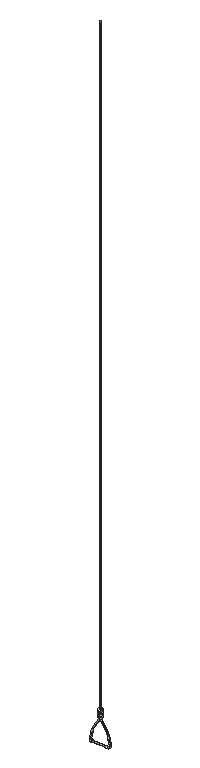
Revit family "Wire-HunterDouglas-NaturaPlank_Tile", category Specialty Equipment, Revit 2013
Parameters (values of type "Parametric")
  ecoScorecard_data = "http://products.ecoscorecard.com/hunterdouglascontract/"
  ecoScorecard Product Page = "http://hunterdouglascontract.ecoscorecard.com/catalogs/new_search"
  Wire Hanger = Metal - Aluminum Frame - HunterDouglas - Painted White
  URL = "http://www.hunterdouglascontract.com/ceilings/index.jsp"
  Subcategory = "Natura Wood"  # constant formula
  Product Line = "NaturaPlank_Tile"  # constant formula
  Model = "NaturaPlank_Tile-Hanger Rod"  # constant formula
  Manufacturer = "Hunter Douglas Luxalon Metal Ceilings"  # constant formula
  Hanger Wire Height [instance] = 3' - 0"
  Description = "Hanger Rod"  # constant formula
  Assembly Code = "C3030200"
  95 CSI = "09510"  # constant formula
  04 CSI = "09 51 00"  # constant formula
Reference planes (in)
  plane 1 "Center (Front/Back)": y = 0
  plane 2: z = 0
  plane 3 "Center (Left/Right)": x = 0
  plane 4: x = -0.77248
  plane 5: x = 0.77248
  plane 6: z = 2.4375
  plane 7: z = 2.5
  plane 8: z = 36
  plane 9: through (0, 0, 48) normal (0.7071, -0.7071, 0)
  plane 10: through (0, 0, 48) normal (0.7071, 0.7071, 0)
Dimensions and locks (in)
  equal spacing: plane 4, plane 3 "Center (Left/Right)", plane 5
  plane 4 to plane 5 = 0' - 1.54495"
  locked: plane 6 to plane 7 at 0.0625
  locked: plane 6 to level at 2.4375
  "Hanger Wire Height": plane 8 to level
  aligned and locked: level to plane 2
  aligned and locked: plane 1 "Center (Front/Back)" to nested 1
  aligned and locked: plane 3 "Center (Left/Right)" to nested 1
  aligned and locked: plane 6 to nested 1
Nested families (in)
  nested 1: "Hanger" at (0, 0, 0), Hanger Wire Height <- "Hanger Wire Height", type "Parametric"
    with Hanger Wire Height 3' - 0"
Definition of nested family "Hanger"
  Parameters (values of type "Parametric")
    URL = "http://www.hunterdouglascontract.com/ceilings/index.jsp"
    Subcategory = "Natura Wood"  # constant formula
    Product Line = "NaturaPlank_Tile"  # constant formula
    Model = "NaturaPlank_Tile-Hanger Rod"  # constant formula
    Material = Metal - Aluminum Frame - HunterDouglas - Painted White
    Manufacturer = "Hunter Douglas Luxalon Metal Ceilings"  # constant formula
    Hanger Wire Height [instance] = 3' - 0"
    Description = "Hanger Rod"  # constant formula
    Assembly Code = "C3030200"
    95 CSI = "09510"  # constant formula
    04 CSI = "09 51 00"  # constant formula
  Reference planes (in)
    plane 1 "Center (Front/Back)": y = 0
    plane 2: z = 0
    plane 3 "Center (Left/Right)": x = 0
    plane 4: x = -0.77248
    plane 5: x = 0.77248
    plane 6: z = 2.4375
    plane 7: z = 2.5
    plane 8: z = 36
    plane 9: through (0, 0, 48) normal (0.7071, -0.7071, 0)
    plane 10: through (0, 0, 48) normal (0.7071, 0.7071, 0)
  Dimensions and locks (in)
    equal spacing: plane 4, plane 3 "Center (Left/Right)", plane 5
    plane 4 to plane 5 = 0' - 1.54495"
    locked: plane 6 to plane 7 at 0.0625
    locked: plane 6 to level at 2.4375
    "Hanger Wire Height": plane 8 to level
    aligned and locked: level to plane 2
    aligned and locked: plane 1 "Center (Front/Back)" to nested 1
    aligned and locked: plane 6 to nested 1
    aligned and locked: plane 3 "Center (Left/Right)" to nested 1
  Nested families (in)
    nested 1: "Hanger" at (0, 0, 0), type "Parametric"
  Definition of nested family "Hanger"
    Parameters (values of type "Parametric")
      URL = "http://www.hunterdouglascontract.com/ceilings/index.jsp"
      Subcategory = "Natura Wood"  # constant formula
      Product Line = "NaturaPlank_Tile"  # constant formula
      Model = "NaturaPlank_Tile-Hanger Rod"  # constant formula
      Material = Metal - Aluminum Frame - HunterDouglas - Painted White
      Manufacturer = "Hunter Douglas Luxalon Metal Ceilings"  # constant formula
      HangerWire Length = 3' - 0"
      Description = "Hanger Rod"  # constant formula
      Assembly Code = "C3030200"
      95 CSI = "09510"  # constant formula
      04 CSI = "09 51 00"  # constant formula
    Reference planes (in)
      plane 1 "Center (Front/Back)": y = 0
      plane 2: z = 0
      plane 3 "Center (Left/Right)": x = 0
      plane 4: x = -0.77248
      plane 5: x = 0.77248
      plane 6: z = 2.4375
      plane 7: z = 2.5
      plane 8: z = 36
      plane 9: through (0, 0, 48) normal (0.7071, -0.7071, 0)
      plane 10: through (0, 0, 48) normal (0.7071, 0.7071, 0)
    Forms (in)
      Sweep 1, solid, material "Metal - Aluminum Frame - HunterDouglas - Painted White" <- "Material", detail levels fine
        path origin (0, 0, 0) x (1, 0, 0) y (0, 0, 1)
          loop
            line (0.03125, 36) -> (0.03125, 3.70793) -> (0.38236, 3.14135)
            arc (0.38236, 3.14135) -> (0.44435, 3.01623) -> (0.48166, 2.88166) r 0.73777
            line (0.48166, 2.88166) -> (0.5376, 2.56649)
            arc (0.5376, 2.56649) -> (0.51364, 2.47677) -> (0.42949, 2.4375) r 0.1098
            line (0.42949, 2.4375) -> (-0.42976, 2.4375)
            arc (-0.42976, 2.4375) -> (-0.51374, 2.47669) -> (-0.53765, 2.56622) r 0.10957
            line (-0.53765, 2.56622) -> (-0.48246, 2.87715)
            arc (-0.48246, 2.87715) -> (-0.44395, 3.01607) -> (-0.37995, 3.14524) r 0.76163
            line (-0.37995, 3.14524) -> (-0.0384, 3.69638)
        profile origin (-0.00014, 0, 2.4375) x (0, 0, -1) y (0, -1, 0)
          loop
            circle (-0.03125, 0) r 0.03125
      Revolve 2, solid, material "Metal - Aluminum Frame - HunterDouglas - Painted White" <- "Material", detail levels fine
        sketch origin (-1.10243, 0, 0.17393) x (0.947216, 0, -0.320596) y (0.320596, 0, 0.947216)
          loop
            line (-0.19925, 4.08974) -> (-0.26999, 4.08974)
            arc (-0.26999, 4.08974) -> (-0.30124, 4.05849) -> (-0.26999, 4.02724) r 0.03125
            line (-0.26999, 4.02724) -> (-0.19925, 4.02724) -> (-0.19925, 4.08974)
          axis (-0.19925, 4.02724) -> (-0.19925, 4.08974)
        angle from 0 to 360
      Revolve 3, solid, material "Metal - Aluminum Frame - HunterDouglas - Painted White" <- "Material", detail levels fine
        sketch origin (-1.10243, 0, 0.1083) x (0.947216, 0, -0.320596) y (0.320596, 0, 0.947216)
          loop
            line (-0.19925, 4.08974) -> (-0.26999, 4.08974)
            arc (-0.26999, 4.08974) -> (-0.30124, 4.05849) -> (-0.26999, 4.02724) r 0.03125
            line (-0.26999, 4.02724) -> (-0.19925, 4.02724) -> (-0.19925, 4.08974)
          axis (-0.19925, 4.02724) -> (-0.19925, 4.08974)
        angle from 0 to 360
      Revolve 4, solid, material "Metal - Aluminum Frame - HunterDouglas - Painted White" <- "Material", detail levels fine
        sketch origin (-1.10243, 0, 0.04197) x (0.947216, 0, -0.320596) y (0.320596, 0, 0.947216)
          loop
            line (-0.19925, 4.08974) -> (-0.26999, 4.08974)
            arc (-0.26999, 4.08974) -> (-0.30124, 4.05849) -> (-0.26999, 4.02724) r 0.03125
            line (-0.26999, 4.02724) -> (-0.19925, 4.02724) -> (-0.19925, 4.08974)
          axis (-0.19925, 4.02724) -> (-0.19925, 4.08974)
        angle from 0 to 360
      Revolve 5, solid, material "Metal - Aluminum Frame - HunterDouglas - Painted White" <- "Material", detail levels fine
        sketch origin (-1.10243, 0, -0.02402) x (0.947216, 0, -0.320596) y (0.320596, 0, 0.947216)
          loop
            line (-0.19925, 4.08974) -> (-0.26999, 4.08974)
            arc (-0.26999, 4.08974) -> (-0.30124, 4.05849) -> (-0.26999, 4.02724) r 0.03125
            line (-0.26999, 4.02724) -> (-0.19925, 4.02724) -> (-0.19925, 4.08974)
          axis (-0.19925, 4.02724) -> (-0.19925, 4.08974)
        angle from 0 to 360
      Revolve 6, solid, material "Metal - Aluminum Frame - HunterDouglas - Painted White" <- "Material", detail levels fine
        sketch origin (-1.10243, 0, -0.09) x (0.947216, 0, -0.320596) y (0.320596, 0, 0.947216)
          loop
            line (-0.19925, 4.08974) -> (-0.26999, 4.08974)
            arc (-0.26999, 4.08974) -> (-0.30124, 4.05849) -> (-0.26999, 4.02724) r 0.03125
            line (-0.26999, 4.02724) -> (-0.19925, 4.02724) -> (-0.19925, 4.08974)
          axis (-0.19925, 4.02724) -> (-0.19925, 4.08974)
        angle from 0 to 360
      Revolve 7, solid, material "Metal - Aluminum Frame - HunterDouglas - Painted White" <- "Material", detail levels fine
        sketch origin (-1.10243, 0, -0.15751) x (0.947216, 0, -0.320596) y (0.320596, 0, 0.947216)
          loop
            line (-0.19925, 4.08974) -> (-0.26999, 4.08974)
            arc (-0.26999, 4.08974) -> (-0.30124, 4.05849) -> (-0.26999, 4.02724) r 0.03125
            line (-0.26999, 4.02724) -> (-0.19925, 4.02724) -> (-0.19925, 4.08974)
          axis (-0.19925, 4.02724) -> (-0.19925, 4.08974)
        angle from 0 to 360
    Cuts and joins
      joined: Sweep 1, Revolve 3, Revolve 5, Revolve 7
    Lines and regions (in)
      model lines, style "Wire", detail levels coarse+medium
        curve 1: line (0, 0, 36) -> (0, 0, 2.5)
      symbolic lines, style "Wire", detail levels fine
        curve 2: line (-0.50903, 0.03125, 0) -> (-0.08588, 0.03125, 0)
        curve 3: line (0.50903, -0.03126, 0) -> (0.10541, -0.03126, 0)
        curve 4: arc (0.50903, 0.03125, 0) -> (0.54029, 0, 0) -> (0.50903, -0.03126, 0) r 0.03125
        curve 5: arc (-0.50903, 0.03125, 0) -> (-0.54029, 0, 0) -> (-0.50903, -0.03126, 0) r 0.03125
        curve 6: circle (0.00977, 0, 0) r 0.10062 normal (0, 0, 1)
        curve 7: circle (0, 0, 0) r 0.03125 normal (0, 0, 1)
        curve 8: line (0.10541, 0.03125, 0) -> (0.50903, 0.03125, 0)
        curve 9: line (-0.08587, -0.03126, 0) -> (-0.50903, -0.03126, 0)
        curve 43: line (-0.03122, 0, 36) -> (0.03122, 0, 36)
        curve 44: line (0.03122, 0, 36) -> (0.03122, 0, 4.1081)
        curve 45: line (-0.04684, 0, 4.13498) -> (0.08788, 0, 4.08859)
        curve 46: line (-0.07537, 0, 4.07858) -> (0.06749, 0, 4.02939)
        curve 47: arc (0.08788, 0, 4.08859) -> (0.10729, 0, 4.0488) -> (0.06749, 0, 4.02939) r 0.03131
        curve 48: arc (-0.04684, 0, 4.13498) -> (-0.08569, 0, 4.11922) -> (-0.07537, 0, 4.07858) r 0.0319
        curve 49: arc (0.08788, 0, 4.02237) -> (0.10784, 0, 3.98437) -> (0.0711, 0, 3.96216) r 0.03131
        curve 50: arc (-0.04684, 0, 4.06876) -> (-0.08551, 0, 4.05335) -> (-0.07602, 0, 4.01282) r 0.0319
        curve 51: line (-0.07602, 0, 4.01282) -> (0.0711, 0, 3.96216)
        curve 52: arc (0.08788, 0, 3.95615) -> (0.10784, 0, 3.91815) -> (0.0711, 0, 3.89594) r 0.03131
        curve 53: arc (-0.04684, 0, 4.00254) -> (-0.08551, 0, 3.98713) -> (-0.07602, 0, 3.9466) r 0.0319
        curve 54: line (-0.07602, 0, 3.9466) -> (0.0711, 0, 3.89594)
        curve 55: arc (0.08788, 0, 3.88993) -> (0.10784, 0, 3.85193) -> (0.0711, 0, 3.82972) r 0.03131
        curve 56: arc (-0.04684, 0, 3.93632) -> (-0.08551, 0, 3.92091) -> (-0.07602, 0, 3.88038) r 0.0319
        curve 57: line (-0.07602, 0, 3.88038) -> (0.0711, 0, 3.82972)
        curve 58: arc (0.08788, 0, 3.82371) -> (0.10784, 0, 3.78571) -> (0.0711, 0, 3.7635) r 0.03131
        curve 59: arc (-0.04684, 0, 3.8701) -> (-0.08551, 0, 3.85469) -> (-0.07602, 0, 3.81416) r 0.0319
        curve 60: line (-0.07602, 0, 3.81416) -> (0.0711, 0, 3.7635)
        curve 61: arc (0.08788, 0, 3.75749) -> (0.10784, 0, 3.71949) -> (0.0711, 0, 3.69728) r 0.03131
        curve 62: arc (-0.04684, 0, 3.80388) -> (-0.08551, 0, 3.78847) -> (-0.07602, 0, 3.74794) r 0.0319
        curve 63: line (-0.07602, 0, 3.74794) -> (0.0711, 0, 3.69728)
        curve 64: line (-0.0384, 0, 3.69638) -> (-0.37724, 0, 3.14961)
        curve 65: line (-0.53854, 0, 2.57083) -> (-0.47845, 0, 2.89346)
        curve 66: arc (-0.47845, 0, 2.89346) -> (-0.43931, 0, 3.02606) -> (-0.37724, 0, 3.14961) r 0.77561
        curve 67: arc (-0.53854, 0, 2.57083) -> (-0.5193, 0, 2.48393) -> (-0.44337, 0, 2.4375) r 0.11373
        curve 68: line (0.08629, 0, 3.61911) -> (-0.0384, 0, 3.69638)
        curve 69: spline (-0.02925, 0, 3.69071) -> (-0.02601, 0, 3.69164) -> (-0.02149, 0, 3.69294) -> (-0.01593, 0, 3.69453) -> (-0.00958, 0, 3.69634) -> (-0.00276, 0, 3.69828) -> (0.00419, 0, 3.70026) -> (0.01093, 0, 3.70218) -> (0.01714, 0, 3.70394) -> (0.02251, 0, 3.70547) -> (0.02678, 0, 3.70667) -> (0.02974, 0, 3.70751) -> (0.03125, 0, 3.70793)
        curve 70: line (0, 0, 3.6397) -> (-0.32412, 0, 3.11669)
        curve 71: arc (-0.41709, 0, 2.88159) -> (-0.3811, 0, 3.00329) -> (-0.32412, 0, 3.11669) r 0.71311
        curve 72: line (-0.4771, 0, 2.55939) -> (-0.41709, 0, 2.88159)
        curve 73: arc (-0.4771, 0, 2.55939) -> (-0.46843, 0, 2.52024) -> (-0.43423, 0, 2.49933) r 0.05123
        curve 74: line (0.03122, 0, 36) -> (-0.03122, 0, 36)
        curve 75: line (-0.03122, 0, 36) -> (-0.03122, 0, 4.1296)
        curve 76: line (0.02882, 0, 3.71184) -> (0.37724, 0, 3.14961)
        curve 77: line (0.53854, 0, 2.57083) -> (0.47845, 0, 2.89346)
        curve 78: arc (0.47845, 0, 2.89346) -> (0.43931, 0, 3.02606) -> (0.37724, 0, 3.14961) r 0.77561
        curve 79: arc (0.53854, 0, 2.57083) -> (0.5193, 0, 2.48393) -> (0.44337, 0, 2.4375) r 0.11373
        curve 80: arc (0.4771, 0, 2.55939) -> (0.46843, 0, 2.52024) -> (0.43423, 0, 2.49933) r 0.05123
        curve 81: line (0.4771, 0, 2.55939) -> (0.41709, 0, 2.88159)
        curve 82: arc (0.41709, 0, 2.88159) -> (0.3811, 0, 3.00329) -> (0.32412, 0, 3.11669) r 0.71311
        curve 83: line (0, 0, 3.6397) -> (0.32412, 0, 3.11669)
        curve 84: line (-0.43423, 0, 2.49933) -> (0.43423, 0, 2.49933)
        curve 85: line (0.44337, 0, 2.4375) -> (-0.44337, 0, 2.4375)
        curve 86: line (-0.03122, 0, 3.73252) -> (-0.03122, 0, 3.69194)
      symbolic lines, style "Wire"
        curve 10: line (0, 0.03125, 36) -> (0, -0.03125, 36)
        curve 11: line (0, 0.03125, 2.46831) -> (0, 0.03125, 3.69854)
        curve 12: line (0, -0.03125, 36) -> (0, -0.03125, 4.05165)
        curve 13: arc (0, -0.08474, 4.0503) -> (0, -0.10167, 4.01557) -> (0, -0.08145, 3.98266) r 0.04011
        curve 14: arc (0, -0.08145, 3.98266) -> (0, -0.04212, 3.96692) -> (0, 0, 3.96236) r 0.15569
        curve 15: arc (0, 0.08474, 4.0503) -> (0, 0.10167, 4.01557) -> (0, 0.08145, 3.98266) r 0.04011
        curve 16: arc (0, 0.08145, 3.98266) -> (0, 0.04212, 3.96692) -> (0, 0, 3.96236) r 0.15569
        curve 17: arc (0, 0.03125, 4.05165) -> (0, 0, 4.04216) -> (0, -0.03125, 4.05165) r 0.05621
        curve 18: arc (0, -0.08169, 3.9828) -> (0, -0.10172, 3.94794) -> (0, -0.08145, 3.91321) r 0.04011
        curve 19: arc (0, -0.08145, 3.91321) -> (0, -0.04212, 3.89747) -> (0, 0, 3.89291) r 0.15569
        curve 20: arc (0, 0.08169, 3.9828) -> (0, 0.10172, 3.94794) -> (0, 0.08145, 3.91321) r 0.04011
        curve 21: arc (0, 0.08145, 3.91321) -> (0, 0.04212, 3.89747) -> (0, 0, 3.89291) r 0.15569
        curve 22: arc (0, -0.08474, 3.91531) -> (0, -0.10167, 3.88058) -> (0, -0.08145, 3.84767) r 0.04011
        curve 23: arc (0, -0.08145, 3.84767) -> (0, -0.04212, 3.83193) -> (0, 0, 3.82736) r 0.15569
        curve 24: arc (0, 0.08474, 3.91531) -> (0, 0.10167, 3.88058) -> (0, 0.08145, 3.84767) r 0.04011
        curve 25: arc (0, 0.08145, 3.84767) -> (0, 0.04212, 3.83193) -> (0, 0, 3.82736) r 0.15569
        curve 26: arc (0, -0.08474, 3.84977) -> (0, -0.10167, 3.81504) -> (0, -0.08145, 3.78213) r 0.04011
        curve 27: arc (0, -0.08145, 3.78213) -> (0, -0.04212, 3.76638) -> (0, 0, 3.76182) r 0.15569
        curve 28: arc (0, 0.08474, 3.84977) -> (0, 0.10167, 3.81504) -> (0, 0.08145, 3.78213) r 0.04011
        curve 29: arc (0, 0.08145, 3.78213) -> (0, 0.04212, 3.76638) -> (0, 0, 3.76182) r 0.15569
        curve 30: arc (0, -0.08474, 3.78422) -> (0, -0.10167, 3.7495) -> (0, -0.08145, 3.71659) r 0.04011
        curve 31: arc (0, -0.08145, 3.71659) -> (0, -0.04212, 3.70084) -> (0, 0, 3.69628) r 0.15569
        curve 32: arc (0, 0.08474, 3.78422) -> (0, 0.10167, 3.7495) -> (0, 0.08145, 3.71659) r 0.04011
        curve 33: arc (0, 0.08145, 3.71659) -> (0, 0.04212, 3.70084) -> (0, 0, 3.69628) r 0.15569
        curve 34: line (0, 0.03125, 4.05165) -> (0, 0.03125, 36)
        curve 35: line (0, -0.03125, 3.69854) -> (0, -0.03125, 2.46831)
        curve 36: arc (0, -0.03125, 2.46831) -> (0, 0, 2.43706) -> (0, 0.03125, 2.46831) r 0.03125
        curve 37: arc (0, -0.08474, 4.11584) -> (0, -0.10167, 4.08112) -> (0, -0.08145, 4.0482) r 0.04011
        curve 38: arc (0, -0.08145, 4.0482) -> (0, -0.04212, 4.03246) -> (0, 0, 4.0279) r 0.15569
        curve 39: arc (0, 0.08474, 4.11584) -> (0, 0.10167, 4.08112) -> (0, 0.08145, 4.0482) r 0.04011
        curve 40: arc (0, 0.08145, 4.0482) -> (0, 0.04212, 4.03246) -> (0, 0, 4.0279) r 0.15569
        curve 41: arc (0, -0.08474, 4.11584) -> (0, -0.05931, 4.12919) -> (0, -0.03125, 4.13531) r 0.10721
        curve 42: arc (0, 0.08474, 4.11584) -> (0, 0.05931, 4.12919) -> (0, 0.03125, 4.13531) r 0.10721
    Dimensions and locks (in)
      equal spacing: plane 4, plane 3 "Center (Left/Right)", plane 5
      plane 4 to plane 5 = 0' - 1.54495"
      locked: plane 6 to plane 7 at 0.0625
      locked: plane 6 to level at 2.4375
      "HangerWire Length": plane 8 to level
      aligned and locked: level to plane 2
      aligned and locked: Sweep 1 sketch curve to plane 6
      aligned and locked: plane 8 to Sweep 1 sketch curve
      aligned and locked: curve 1 to plane 3 "Center (Left/Right)"
      aligned and locked: plane 7 to curve 1
      aligned and locked: plane 8 to curve 1
      aligned and locked: curve 7 to cut or joined group of Sweep 1, Revolve 3, Revolve 5, Revolve 7
      aligned and locked: curve 68 to cut or joined group of Sweep 1, Revolve 3, Revolve 5, Revolve 7
    Automatic sketch dimensions
      Sweep 1 sketch curve to plane 1 "Center (Front/Back)" = 0' - 0"
      profile plane to Sweep 1 sketch curve = 0' - 0 1/32"
      Revolve 2 sketch curve to plane 3 "Center (Left/Right)" = 0' - 0.06706"
      Revolve 2 sketch curve to Revolve 2 sketch curve = 0' - 0.07074"
      Revolve 2 sketch curve to Revolve 2 sketch curve = 0' - 0"  (x2)
      Revolve 2 sketch curve to Revolve 2 sketch curve = 0' - 0 1/32"
      Revolve 2 sketch curve to Revolve 2 sketch curve = 0' - 0.02781"
      Revolve 3 sketch curve to plane 3 "Center (Left/Right)" = 0' - 0.06706"
      Revolve 3 sketch curve to Revolve 3 sketch curve = 0' - 0.07074"
      Revolve 3 sketch curve to Revolve 3 sketch curve = 0' - 0"  (x2)
      Revolve 3 sketch curve to Revolve 3 sketch curve = 0' - 0 1/32"
      Revolve 3 sketch curve to Revolve 3 sketch curve = 0' - 0.02781"
      Revolve 4 sketch curve to plane 3 "Center (Left/Right)" = 0' - 0.06706"
      Revolve 4 sketch curve to Revolve 4 sketch curve = 0' - 0.07074"
      Revolve 4 sketch curve to Revolve 4 sketch curve = 0' - 0"  (x2)
      Revolve 4 sketch curve to Revolve 4 sketch curve = 0' - 0 1/32"
      Revolve 4 sketch curve to Revolve 4 sketch curve = 0' - 0.02781"
      Revolve 5 sketch curve to plane 3 "Center (Left/Right)" = 0' - 0.06706"
      Revolve 5 sketch curve to Revolve 5 sketch curve = 0' - 0.07074"
      Revolve 5 sketch curve to Revolve 5 sketch curve = 0' - 0"  (x2)
      Revolve 5 sketch curve to Revolve 5 sketch curve = 0' - 0 1/32"
      Revolve 5 sketch curve to Revolve 5 sketch curve = 0' - 0.02781"
      Revolve 6 sketch curve to plane 3 "Center (Left/Right)" = 0' - 0.06706"
      Revolve 6 sketch curve to Revolve 6 sketch curve = 0' - 0.07074"
      Revolve 6 sketch curve to Revolve 6 sketch curve = 0' - 0"  (x2)
      Revolve 6 sketch curve to Revolve 6 sketch curve = 0' - 0 1/32"
      Revolve 6 sketch curve to Revolve 6 sketch curve = 0' - 0.02781"
      Revolve 7 sketch curve to plane 3 "Center (Left/Right)" = 0' - 0.06706"
      Revolve 7 sketch curve to Revolve 7 sketch curve = 0' - 0.07074"
      Revolve 7 sketch curve to Revolve 7 sketch curve = 0' - 0"  (x2)
      Revolve 7 sketch curve to Revolve 7 sketch curve = 0' - 0 1/32"
      Revolve 7 sketch curve to Revolve 7 sketch curve = 0' - 0.02781"
      plane 7 to Sweep 1 sketch curve = 0' - 0.06622"
      Sweep 1 sketch curve to plane 4 = 0' - 0.23483"
      Sweep 1 sketch curve to plane 4 = 0' - 0.29002"
      Sweep 1 sketch curve to Sweep 1 sketch curve = 0' - 0.10788"
      Sweep 1 sketch curve to Sweep 1 sketch curve = 0' - 0.10251"
      Sweep 1 sketch curve to plane 3 "Center (Left/Right)" = 0' - 0.24476"
      Sweep 1 sketch curve to plane 3 "Center (Left/Right)" = 0' - 0.0384"
      plane 3 "Center (Left/Right)" to Sweep 1 sketch curve = 0' - 0 1/32"
      plane 3 "Center (Left/Right)" to Sweep 1 sketch curve = 0' - 0.26745"
      plane 3 "Center (Left/Right)" to Sweep 1 sketch curve = 0' - 0.38236"
      Sweep 1 sketch curve to plane 5 = 0' - 0.34298"
      Sweep 1 sketch curve to Sweep 1 sketch curve = 0' - 0.21421"
      plane 7 to Sweep 1 sketch curve = 0' - 0.06649"
      Sweep 1 sketch curve to Sweep 1 sketch curve = 0' - 0.10811"
      plane 7 to Sweep 1 sketch curve = 0' - 0.24405"
      plane 7 to Sweep 1 sketch curve = 0' - 0.25273"
      Sweep 1 sketch curve to Sweep 1 sketch curve = 0' - 0.12442"
      Sweep 1 sketch curve to Sweep 1 sketch curve = 0' - 0.13761"
      Sweep 1 sketch curve to Sweep 1 sketch curve = 0' - 0.55114"
      Sweep 1 sketch curve to Sweep 1 sketch curve = 0' - 0.01154"
      plane 7 to Revolve 2 sketch curve = 0' - 1.57516"
      plane 7 to Revolve 3 sketch curve = 0' - 1.50953"
      plane 7 to Revolve 4 sketch curve = 0' - 1.44319"
      plane 7 to Revolve 5 sketch curve = 0' - 1.37721"
      plane 7 to Revolve 6 sketch curve = 0' - 1.31123"
      plane 7 to Revolve 7 sketch curve = 0' - 1.24371"
      plane 1 "Center (Front/Back)" to curve 6 = 0' - 0"
      curve 2 to plane 1 "Center (Front/Back)" = 0' - 0 1/32"
      curve 2 to plane 4 = 0' - 0.26344"
      plane 3 "Center (Left/Right)" to curve 6 = 0' - 0.00977"
      plane 1 "Center (Front/Back)" to curve 3 = 0' - 0 1/32"
      curve 3 to plane 5 = 0' - 0.26344"
      plane 3 "Center (Left/Right)" to curve 8 = 0' - 0.10541"
      plane 1 "Center (Front/Back)" to curve 4 = 0' - 0"
      plane 1 "Center (Front/Back)" to curve 5 = 0' - 0 1/32"
      curve 12 to plane 8 = 0' - 0"
      curve 17 to plane 1 "Center (Front/Back)" = 0' - 0"
      curve 25 to plane 1 "Center (Front/Back)" = 0' - 0"
      curve 21 to plane 1 "Center (Front/Back)" = 0' - 0"
      curve 33 to plane 1 "Center (Front/Back)" = 0' - 0"
      curve 38 to plane 1 "Center (Front/Back)" = 0' - 0"
      curve 36 to plane 1 "Center (Front/Back)" = 0' - 0"
      curve 14 to plane 1 "Center (Front/Back)" = 0' - 0"
      curve 27 to plane 1 "Center (Front/Back)" = 0' - 0"
      plane 1 "Center (Front/Back)" to curve 19 = 0' - 0.00445"
      plane 1 "Center (Front/Back)" to curve 23 = 0' - 0.00445"
      plane 1 "Center (Front/Back)" to curve 14 = 0' - 0.00445"
      plane 1 "Center (Front/Back)" to curve 27 = 0' - 0.00445"
      plane 1 "Center (Front/Back)" to curve 38 = 0' - 0.00445"
      plane 1 "Center (Front/Back)" to curve 31 = 0' - 0.00445"
      plane 1 "Center (Front/Back)" to curve 41 = 0' - 0.02264"
      plane 1 "Center (Front/Back)" to curve 10 = 0' - 0 1/32"
      curve 36 to curve 36 = 0' - 0 1/32"
      curve 30 to curve 35 = 0' - 0.03036"
      plane 1 "Center (Front/Back)" to curve 26 = 0' - 0.06161"
      curve 13 to curve 41 = 0' - 0.03896"
      plane 1 "Center (Front/Back)" to curve 22 = 0' - 0.06161"
      curve 27 to curve 30 = 0' - 0.01984"
      curve 18 to curve 22 = 0' - 0.01984"
      curve 30 to curve 30 = 0' - 0.01984"
      curve 26 to curve 27 = 0' - 0"
      curve 38 to curve 13 = 0' - 0.01984"
      curve 37 to curve 38 = 0' - 0"
      curve 19 to curve 18 = 0' - 0"
      curve 31 to curve 30 = 0' - 0"
      curve 22 to curve 26 = 0' - 0.01984"
      curve 13 to curve 18 = 0' - 0.01984"
      curve 14 to curve 13 = 0' - 0"
      curve 23 to curve 22 = 0' - 0"
      curve 18 to curve 13 = 0' - 0.00025"
      curve 30 to curve 26 = 0' - 0.0033"
      curve 13 to curve 38 = 0' - 0.0033"
      curve 22 to curve 19 = 0' - 0.0033"
      curve 41 to curve 37 = 0' - 0.02313"
      curve 26 to curve 22 = 0' - 0.0033"
      curve 25 to plane 1 "Center (Front/Back)" = 0' - 0.00445"
      curve 29 to plane 1 "Center (Front/Back)" = 0' - 0.00445"
      curve 40 to plane 1 "Center (Front/Back)" = 0' - 0.00445"
      curve 16 to plane 1 "Center (Front/Back)" = 0' - 0.00445"
      curve 33 to plane 1 "Center (Front/Back)" = 0' - 0.00445"
      curve 21 to plane 1 "Center (Front/Back)" = 0' - 0.00445"
      curve 42 to plane 1 "Center (Front/Back)" = 0' - 0.02264"
      curve 10 to plane 1 "Center (Front/Back)" = 0' - 0 1/32"
      curve 24 to plane 1 "Center (Front/Back)" = 0' - 0.06161"
      curve 42 to curve 15 = 0' - 0.03896"
      curve 11 to curve 32 = 0' - 0.03036"
      curve 28 to plane 1 "Center (Front/Back)" = 0' - 0.06161"
      curve 20 to curve 16 = 0' - 0.01984"
      curve 32 to curve 28 = 0' - 0.01984"
      curve 28 to curve 25 = 0' - 0.01984"
      curve 24 to curve 25 = 0' - 0"
      curve 29 to curve 28 = 0' - 0"
      curve 32 to curve 32 = 0' - 0.01984"
      curve 24 to curve 21 = 0' - 0.01984"
      curve 20 to curve 21 = 0' - 0"
      curve 15 to curve 16 = 0' - 0"
      curve 15 to curve 40 = 0' - 0.01984"
      curve 39 to curve 40 = 0' - 0"
      curve 33 to curve 32 = 0' - 0"
      curve 16 to curve 20 = 0' - 0.00025"
      curve 39 to curve 39 = 0' - 0.02313"
      curve 28 to curve 32 = 0' - 0.0033"
      curve 25 to curve 28 = 0' - 0.0033"
      curve 20 to curve 24 = 0' - 0.0033"
      plane 7 to curve 40 = 0' - 1.68352"
      curve 38 to curve 40 = 0' - 0"
      curve 42 to curve 40 = 0' - 0.04821"
      curve 41 to curve 38 = 0' - 0.04821"
      curve 41 to curve 41 = 0' - 0.01947"
      curve 14 to curve 41 = 0' - 0.01733"
      curve 14 to curve 16 = 0' - 0"
      curve 17 to curve 14 = 0' - 0.01961"
      curve 38 to curve 21 = 0' - 0.02063"
      curve 19 to curve 21 = 0' - 0"
      curve 16 to curve 25 = 0' - 0.02063"
      curve 23 to curve 25 = 0' - 0"
      curve 16 to curve 20 = 0' - 0.00014"
      curve 19 to curve 29 = 0' - 0.02454"
      curve 27 to curve 29 = 0' - 0"
      curve 20 to curve 24 = 0' - 0.00209"
      curve 25 to curve 33 = 0' - 0.02454"
      curve 31 to curve 33 = 0' - 0"
      curve 22 to curve 26 = 0' - 0.00209"
      curve 28 to curve 32 = 0' - 0.00209"
      curve 36 to plane 6 = 0' - 0.03081"
      curve 37 to curve 41 = 0' - 0.05349"
      curve 18 to curve 13 = 0' - 0.02008"
      curve 39 to curve 39 = 0' - 0.01984"
      curve 20 to curve 24 = 0' - 0.02313"
      curve 39 to curve 15 = 0' - 0.0033"
      curve 31 to curve 38 = 0' - 0.33162"
      curve 41 to curve 12 = 0' - 0.0232"
      curve 66 to curve 71 = 0' - 0"  (x2)
      curve 67 to curve 73 = 0' - 0"  (x2)
      curve 78 to curve 82 = 0' - 0"  (x2)
      curve 79 to curve 80 = 0' - 0"  (x2)
      curve 67 to plane 6 = 0' - 0"
      curve 74 to plane 8 = 0' - 0"
      curve 83 to plane 3 "Center (Left/Right)" = 0' - 0"
      curve 69 to plane 3 "Center (Left/Right)" = 0' - 0.02925"
      curve 86 to curve 69 = 0' - 0.00197"
      curve 75 to plane 3 "Center (Left/Right)" = 0' - 0.03122"
      curve 69 to curve 86 = 0' - 0.00021"
      curve 64 to curve 86 = 0' - 0.00718"
      curve 62 to plane 3 "Center (Left/Right)" = 0' - 0.04684"
      curve 48 to curve 75 = 0' - 0 1/64"
      curve 59 to plane 3 "Center (Left/Right)" = 0' - 0.04684"
      curve 53 to plane 3 "Center (Left/Right)" = 0' - 0.04684"
      curve 56 to plane 3 "Center (Left/Right)" = 0' - 0.04684"
      curve 50 to plane 3 "Center (Left/Right)" = 0' - 0.04684"
      curve 59 to curve 59 = 0' - 0.01039"
      curve 50 to curve 50 = 0' - 0.01039"
      curve 48 to curve 48 = 0' - 0.01039"
      curve 62 to curve 62 = 0' - 0.01039"
      curve 56 to curve 56 = 0' - 0.01039"
      curve 53 to curve 53 = 0' - 0.01039"
      curve 46 to curve 50 = 0' - 0.02853"
      curve 59 to curve 62 = 0' - 0.02918"
      curve 54 to curve 56 = 0' - 0.02918"
      curve 63 to curve 62 = 0' - 0.01879"
      curve 56 to curve 59 = 0' - 0.02918"
      curve 50 to curve 53 = 0' - 0.02918"
      curve 70 to plane 3 "Center (Left/Right)" = 0' - 0.32412"
      curve 64 to curve 71 = 0' - 0.05313"
      curve 71 to curve 78 = 0' - 0.13505"
      plane 7 to curve 73 = 0' - 0.05001"
      curve 73 to curve 78 = 0' - 0.14469"
      curve 73 to plane 7 = 0' - 0.00067"
      curve 73 to curve 67 = 0' - 0.0075"
      curve 85 to curve 84 = 0' - 0.00915"
      curve 73 to curve 67 = 0' - 0.05037"
      curve 65 to curve 71 = 0' - 0.06136"
      plane 7 to curve 65 = 0' - 0.07083"
      plane 3 "Center (Left/Right)" to curve 69 = 0' - 0"
      plane 3 "Center (Left/Right)" to curve 76 = 0' - 0.02882"
      plane 3 "Center (Left/Right)" to curve 43 = 0' - 0.03122"
      curve 76 to curve 69 = 0' - 0.00243"
      plane 3 "Center (Left/Right)" to curve 47 = 0' - 0.06749"
      curve 69 to curve 63 = 0' - 0.03985"
      curve 58 to curve 63 = 0' - 0"
      curve 47 to curve 49 = 0' - 0.00361"
      curve 55 to curve 60 = 0' - 0"
      curve 51 to curve 54 = 0' - 0"
      curve 63 to curve 61 = 0' - 0.00658"
      curve 57 to curve 55 = 0' - 0.00658"
      curve 46 to curve 47 = 0' - 0.01019"
      curve 49 to curve 49 = 0' - 0.00658"
      curve 60 to curve 58 = 0' - 0.00658"
      curve 54 to curve 52 = 0' - 0.00658"
      curve 61 to curve 68 = 0' - 0.01519"
      curve 47 to curve 49 = 0' - 0.02038"
      curve 58 to curve 61 = 0' - 0.01678"
      curve 51 to curve 52 = 0' - 0.01678"
      curve 55 to curve 58 = 0' - 0.01678"
      curve 47 to curve 47 = 0' - 0.01019"
      curve 52 to curve 55 = 0' - 0.01678"
      plane 3 "Center (Left/Right)" to curve 71 = 0' - 0.28204"
      plane 3 "Center (Left/Right)" to curve 83 = 0' - 0.32412"
      curve 83 to curve 76 = 0' - 0.05313"
      curve 66 to curve 81 = 0' - 0.13505"
      plane 7 to curve 80 = 0' - 0.05001"
      curve 66 to curve 80 = 0' - 0.14469"
      curve 79 to curve 80 = 0' - 0.0075"
      curve 84 to curve 79 = 0' - 0.00915"
      curve 79 to curve 80 = 0' - 0.05037"
      curve 81 to curve 78 = 0' - 0.06136"
      curve 80 to curve 79 = 0' - 0.06144"
      curve 79 to curve 71 = 0' - 0.19104"
      curve 67 to curve 82 = 0' - 0.19104"
      curve 66 to curve 81 = 0' - 0.14054"
      curve 71 to curve 65 = 0' - 0.01187"
      curve 81 to curve 78 = 0' - 0.01187"
      curve 83 to curve 69 = 0' - 0.05101"
      curve 69 to curve 86 = 0' - 0.00186"
      curve 63 to curve 69 = 0' - 0.01064"
      curve 63 to curve 61 = 0' - 0.03061"
      curve 64 to curve 86 = 0' - 0.03613"
      curve 61 to curve 58 = 0' - 0.00601"
      curve 62 to curve 62 = 0' - 0.02577"
      curve 60 to curve 58 = 0' - 0.03061"
      curve 62 to curve 60 = 0' - 0.01028"
      curve 58 to curve 57 = 0' - 0.00601"
      curve 60 to curve 59 = 0' - 0.02577"
      curve 57 to curve 55 = 0' - 0.03061"
      curve 59 to curve 57 = 0' - 0.01028"
      curve 55 to curve 54 = 0' - 0.00601"
      curve 56 to curve 56 = 0' - 0.02577"
      curve 54 to curve 52 = 0' - 0.03061"
      curve 56 to curve 53 = 0' - 0.01028"
      curve 52 to curve 49 = 0' - 0.00601"
      curve 53 to curve 53 = 0' - 0.02577"
      curve 49 to curve 49 = 0' - 0.03061"
      curve 53 to curve 51 = 0' - 0.01028"
      curve 49 to curve 47 = 0' - 0.00702"
      curve 51 to curve 50 = 0' - 0.02577"
      curve 46 to curve 47 = 0' - 0.0296"
      curve 46 to curve 48 = 0' - 0.02623"
      radius of Sweep 1 sketch curve = 0' - 0 1/32"
